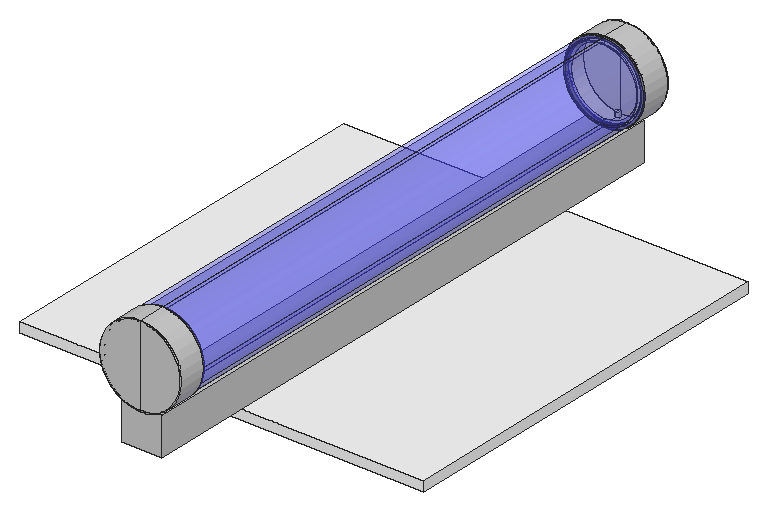
Revit family "BE_24591_de_DE", category Leuchten, Revit 2015
Parameters (values of type "BEGA_24591_Silber_K4")
  built-in parameter 1150104 = 14.028 (stored number, unit not read)
  Wattage = 19.6 W
  Default Elevation = 0 mm
  built-in parameter 1150113 = 1 (stored number, unit not read)
  built-in parameter 1114218 = 1 (stored number, unit not read)
  Umgebungstemperatur = "25 °C"
  URL = "http://www.bega.de/produkt/24591"
  Typenkommentare = "© 2017 BEGA. Wir behalten uns das Recht vor, technische Änderungen ohne vorherige Ankündigung vorzunehmen."  # constant formula
  Type Image = 24591.png
  built-in parameter 1150134 = 12
  built-in parameter 1150109 = 1 (stored number, unit not read)
  Strom = ""
  built-in parameter 1150110 = 1 (stored number, unit not read)
  Spannung = 239.996 V
  Sonderanfertigung = no
  Seriennummer [instance] = "Hier können Sie die eindeutige Seriennummer für das Facility Management eintragen."
  Schutzklasse = "I"
  Schutzart = "IP 65"
  Scheinlast = 0 VA
  Produktdatenblatt = "http://www.bega.de/download/Xrfa/db/24591.db.de.pdf"
  Oberflächentemperatur = ""
  Neigungswinkel = 0.00°
  Modell = "24591AK4"
  Material_18 = BEGA_Gummi_schwarz
  Material_17 = BEGA_Reflektor
  Material_15 = BEGA_Leuchtmedium_matt
  Material_11 = BEGA_Glas_opal
  Material_09 = BEGA_Glas_klar
  Material_06 = BEGA_Oberfläche_Edelstahl_gebürstet
  Material_05 = BEGA_Oberfläche_Aluminium Guss
  Material_03 = BEGA_Oberfläche_Weiss_matt
  Material_02 = BEGA_Oberfläche_Silber_matt
  Material_01 [instance] = BEGA_Oberfläche_Grafit_matt
  M_W = no
  M_G = no
  M_A = yes
  Logo = 0
  built-in parameter 1114217 = 1 (stored number, unit not read)
  built-in parameter 1150139 = (empty or 0)
  built-in parameter 1150105 = 235.52 (stored number, unit not read)
  built-in parameter 1150114 = 1 (stored number, unit not read)
  Lumens = 2959.6 lm
  built-in parameter 1150115 = 1 (stored number, unit not read)
  Leuchtenlichtstrom = "1947 lm"
  Leuchtenanzahl = ""
  Lebensdauerkriterien = "L70B50 @ 25 °C = 194000 h"
  Lastklassifizierung = Beleuchtung
  built-in parameter 1150112 = 1 (stored number, unit not read)
  Lampenlichtstrom = "2960 lm"
  Lampe = "LED 19.6 W"
  LED_Modulbezeichnung = "2x LED-0626/840 + 2x LED-0627/840"
  built-in parameter 1150142 = (empty or 0)
  Hersteller = "BEGA"  # constant formula
  Halbstreuwinkel = ""
  Gewicht = "2.85 kg"
  Gebrauchslageneinschränkung [instance] = ""
  Frequenz = "0/50-60 Hz"
  Farbwiedergabeindex = "Ra > 80"
  Farbtemperaturverschiebung bei Dämpfen der Lampe = <Keine Auswahl>
  Farbtemperatur = "4000 K"
  Color Filter = 16777215
  built-in parameter 1150133 = 10 (stored number, unit not read)
  Energieeffizienzklasse = "LED A++ - A"
  built-in parameter 1150137 = (empty or 0)
  built-in parameter 1150132 = (empty or 0)
  ENEC = ""
  Dimmbar [instance] = "DALI"
  Datei für fotometrisches Netz = "BE_24591K4.IES"
  CE_Konformität = "ja"
  Bestellnummer = "24591AK4"
  Beschreibung_Sonderanfertigung = "Hier können Sie Informationen zur Sonderanfertigung eintragen."
  Beschreibung = "Wandleuchte"
  built-in parameter 1150106 = 2.3552 (stored number, unit not read)
  Befestigungsbohrung = "Ø 6 mm"
  Befestigungsabstand = "300 mm"
  Ballwurfsicher = ""
  BEGA_Intern_aus = yes
  BEGA_Intern_an = yes
  BEGA_Intern_Konstruktion = yes
  BEGA_Intern = yes
  BEGA_IES = yes
  BEGA_Dummy = no
  Anschlussleitung = ""
  Anschlussleistung [instance] = "23.6 W"
  Anschlusskasten = ""
  built-in parameter 1150107 = 4000 (stored number, unit not read)
  built-in parameter 1150102 = (empty or 0)
  built-in parameter 1150138 = (empty or 0)
  Aktualisierung = "2017-06-26T04:08:37"
  Abstand_zur_angestrahlten_Fläche [instance] = ""
  AC/DC = "AC/DC"
Types (4, lengths in mm): name | built-in parameter 1150134 | Modell | M_G | M_A | LED_Modulbezeichnung | Farbtemperatur | Datei für fotometrisches Netz | Bestellnummer | built-in parameter 1150107
  BEGA_24591_Silber_K4 | 12 | "24591AK4" | no | yes | "2x LED-0626/840 + 2x LED-0627/840" | "4000 K" | "BE_24591K4.IES" | "24591AK4" | 4000 (stored number, unit not read)
  BEGA_24591_Grafit_K4 | 12 | "24591K4" | yes | no | "2x LED-0626/840 + 2x LED-0627/840" | "4000 K" | "BE_24591K4.IES" | "24591K4" | 4000 (stored number, unit not read)
  BEGA_24591_Silber_K3 | (empty or 0) | "24591A" | no | yes | "2x LED-0626/830 + 2x LED-0627/830" | "3000 K" | "BE_24591.IES" | "24591A" | 3000 (stored number, unit not read)
  BEGA_24591_Grafit_K3 | (empty or 0) | "24591" | yes | no | "2x LED-0626/830 + 2x LED-0627/830" | "3000 K" | "BE_24591.IES" | "24591" | 3000 (stored number, unit not read)
Reference planes
  plane 1 "Mitte (Vorne/Hinten)": y = 0
  plane 2: z = 0
  plane 3 "Mitte (Links/Rechts)": x = 0
  plane 4 "Links": x = -40.25
  plane 5 "Rechts": x = 40.25
  plane 6 "Unten": y = -301
  plane 7 "Oben": y = 301
  plane 8 "Vorne": z = 115.513
  plane 9 "Hinten": z = 0
Forms (mm)
  Extrusion 1, solid, material "BEGA_Platte_Weiss"
    sketch origin (0, -1119.2, 0) x (1, 0, 0) y (0, 1, 0)
      loop
        line (-200, 1319.2) -> (-200, 919.2) -> (200, 919.2) -> (200, 1319.2) -> (-200, 1319.2)
    from 0 to -10
  Extrusion 2, solid, material "BEGA_Dummy_matt", visible <- "BEGA_Dummy"
    sketch origin (80.095, -76.023, 0) x (1, 0, 0) y (0, 1, 0)
      loop
        line (-120.345, 377.023) -> (-120.345, -224.977) -> (-39.845, -224.977) -> (-39.845, 377.023) -> (-120.345, 377.023)
    from 0 to 115.513
Dimensions and locks
  plane 1 "Mitte (Vorne/Hinten)" to Extrusion 1 = 200 mm
  aligned and locked: plane 2 to Extrusion 1
  aligned and locked: level to Extrusion 1
Nested families
  nested 1: "BE_24591" at (0, 0, 0) x (0, -1, 0) z (0, 0, 1), type "BE_24591"
Connectors
  electrical at (0, 0, 0), driven by "Lastklassifizierung", driven by "Spannung", driven by "Scheinlast"
    settings: index 1, voltage 239.996 V, apparent load 0 VA, apparent load phase1 0 VA, apparent load phase2 0 VA, apparent load phase3 0 VA, power factor 1, load classification "Beleuchtung", number of poles 1, system type 31, power factor state 1, is connector primary yes, connector utility no, sub classification motor no, connector description ""
Definition of nested family "BE_24591"
  Parameters (values of type "BE_24591")
    Default Elevation = 1 mm
    URL = "http://www.bega.de/de/produkt"
    Type Comments = "© 2015 BEGA. Wir behalten uns das Recht vor, technische Änderungen ohne vorherige Ankündigung vorzunehmen. "  # constant formula
    Type Image = (empty or 0)
    Neigungswinkel_um_Z2 = 0.00°
    Neigungswinkel_um_Z1 = 0.00°
    Neigungswinkel_um_Y2 = 0.00°
    Neigungswinkel_um_Y1 = 0.00°
    Neigungswinkel_um_X2 = 0.00°
    Neigungswinkel_um_X1 = 0.00°
    Material_18 = none
    Material_17 = none
    Material_15 = none
    Material_11 = none
    Material_09 = none
    Material_06 = none
    Material_05 = none
    Material_02 = none
    Material_01 = none
    M_W = yes
    M_G = yes
    M_A = yes
    Länge_Platte = 700 mm  # constant formula
    Höhe_Platte = -10 mm  # constant formula
    Manufacturer = "BEGA"  # constant formula
    Drehwinkel_um_Z2 = 0.00°
    Drehwinkel_um_Z1 = 0.00°
    Breite_Platte = 200 mm  # constant formula
  Reference planes
    plane 1 "Mitte (Oben/Unten)": y = 0
    plane 2: z = 0
    plane 3 "Mitte (Links/Rechts)": x = 0
    plane 4: z = 115.513
    plane 5: y = 40.25
    plane 6: y = -40.25
    plane 7: x = -301
    plane 8: x = 301
  Forms (mm)
    Extrusion 1, solid, detail levels medium
      sketch origin (0, 0, 0) x (1, 0, 0) y (0, 1, 0)
        loop
          line (-350, 100) -> (-350, -100) -> (350, -100) -> (350, 100) -> (-350, 100)
      from 0 to -10 <- "Höhe_Platte"
    Extrusion 2, solid, material <- "Material_01", visible <- "M_G", detail levels medium+fine
      sketch origin (0, 0, 0) x (0, 1, 0) y (0, 0, 1)
        loop
          line (20, 37.539) -> (18.186, 39.353)
          arc (18.186, 39.353) -> (0, 35.01) -> (-18.186, 39.353) r 40.25
          line (-18.186, 39.353) -> (-20, 37.539) -> (-20, 0) -> (-17.5, 0) -> (-17.5, 32) -> (17.5, 32) -> (17.5, 0) -> (20, 0) -> (20, 37.539)
      from -296 to 299
    Extrusion 3, void
      sketch origin (0, 0, 0) x (0, 1, 0) y (0, 0, 1)
        loop
          line (5, 25.9) -> (5, 31.6) -> (3, 31.6) -> (3, 40.21) -> (-3, 40.21) -> (-3, 31.6) -> (-5, 31.6) -> (-5, 25.9) -> (5, 25.9)
      from -297.224 to -286.2
    Extrusion 4, solid, material <- "Material_01", visible <- "M_G", detail levels medium+fine
      sketch origin (0, 0, 0) x (0, 1, 0) y (0, 0, 1)
        loop
          line (17.5, 0) -> (17.5, 32) -> (-17.5, 32) -> (-17.5, 0) -> (17.5, 0)
      from -296 to -293
    Extrusion 5, solid, material <- "Material_01", visible <- "M_G", detail levels medium+fine
      sketch origin (0, 0, 0) x (0, 1, 0) y (0, 0, -1)
        loop
          line (17.5, 0) -> (-17.5, 0) -> (-17.5, -32) -> (17.5, -32) -> (17.5, 0)
      from -299 to -296
    Revolve 6, solid, material <- "Material_01", visible <- "M_G", detail levels medium+fine
      sketch origin (0, 0, 0) x (1, 0, 0) y (0, 0, 1)
        loop
          line (300.5, 115.51) -> (273.8, 115.51) -> (275.099, 113.26) -> (297.002, 113.26)
          arc (297.002, 113.26) -> (297.824, 113.084) -> (298.5, 112.586) r 2
          line (298.5, 112.586) -> (298.5, 75.26) -> (301, 75.26) -> (301, 115.01)
          arc (301, 115.01) -> (300.854, 115.364) -> (300.5, 115.51) r 0.5
        axis (273.8, 75.26) -> (301, 75.26)
      angle from 0 to 360
    Revolve 7, solid, material <- "Material_18", detail levels medium+fine
      sketch origin (0, 0, 0) x (1, 0, 0) y (0, 0, 1)
        loop
          line (272.017, 114.96) -> (272.017, 113.043) -> (275.257, 113.043) -> (274.15, 114.96) -> (272.017, 114.96)
        axis (272.017, 75.26) -> (275.257, 75.26)
      angle from 0 to 360
    Revolve 8, solid, material <- "Material_18", detail levels medium+fine
      sketch origin (-0.044, 0, 0) x (-1, 0, 0) y (0, 0, -1)
        loop
          line (273.738, -114.96) -> (274.846, -113.043) -> (271.938, -113.043) -> (271.938, -114.96) -> (273.738, -114.96)
        axis (271.938, -75.26) -> (274.846, -75.26)
      angle from 0 to 360
    Revolve 9, solid, material <- "Material_01", visible <- "M_G", detail levels medium+fine
      sketch origin (0, 0, 0) x (-1, 0, 0) y (0, 0, -1)
        loop
          arc (300.5, -115.51) -> (300.854, -115.364) -> (301, -115.01) r 0.5
          line (301, -115.01) -> (301, -75.26) -> (293, -75.26) -> (293, -112.593) -> (275.099, -112.593) -> (273.8, -115.51) -> (300.5, -115.51)
        axis (273.8, -75.26) -> (301, -75.26)
      angle from 0 to 360
    Extrusion 10, void
      sketch origin (-46.158, 0, 0) x (1, 0, 0) y (0, 1, 0)
        loop
          arc (-154, -3) -> (-151, 0) -> (-154, 3) r 3
          line (-154, 3) -> (-163.39, 3)
          arc (-163.39, 3) -> (-173.5, 0) -> (-163.39, -3) r 5.5
          line (-163.39, -3) -> (-154, -3)
        loop
          arc (146, -3) -> (149, 0) -> (146, 3) r 3
          line (146, 3) -> (136.61, 3)
          arc (136.61, 3) -> (126.5, 0) -> (136.61, -3) r 5.5
          line (136.61, -3) -> (146, -3)
      from 0 to 6.51
    Extrusion 11, solid, material <- "Material_01", visible <- "M_G", detail levels medium+fine
      sketch origin (-45, 0, 0) x (1, 0, 0) y (0, 0, 1)
        loop
          line (-179, 3) -> (-179, 0) -> (-145, 0) -> (-145, 3) -> (-179, 3)
        loop
          line (121, 3) -> (121, 0) -> (155, 0) -> (155, 3) -> (121, 3)
      from -17.994 to 18.5
    Revolve 12, solid, material <- "Material_06", detail levels fine
      sketch origin (0, 0, 0) x (1, 0, 0) y (0, 0, 1)
        loop
          line (-291.25, 42.072) -> (-291.25, 32.322) -> (-292.75, 32.322)
          arc (-292.75, 32.322) -> (-293.104, 32.176) -> (-293.25, 31.822) r 0.5
          line (-293.25, 31.822) -> (-293.25, 29.322)
          arc (-293.25, 29.322) -> (-293.104, 28.969) -> (-292.75, 28.822) r 0.5
          line (-292.75, 28.822) -> (-289, 28.822) -> (-289, 42.072) -> (-291.25, 42.072)
        axis (-289, 28.822) -> (-289, 42.072)
      angle from 0 to 360
    Revolve 13, solid, material <- "Material_11", detail levels medium+fine
      sketch origin (0, 0, 0) x (1, 0, 0) y (0, 0, 1)
        loop
          line (272.017, 114.76) -> (-271.983, 114.76) -> (-271.983, 112.76)
          arc (-271.983, 112.76) -> (-272.452, 111.568) -> (-273.607, 111.015) r 1.75
          line (-273.607, 111.015) -> (-273.607, 108.012)
          arc (-273.607, 108.012) -> (-270.983, 108.887) -> (-269.291, 111.077) r 4.75
          arc (-269.291, 111.077) -> (-268.927, 111.571) -> (-268.342, 111.76) r 1
          line (-268.342, 111.76) -> (268.362, 111.76)
          arc (268.362, 111.76) -> (268.933, 111.581) -> (269.3, 111.108) r 1
          arc (269.3, 111.108) -> (270.99, 108.897) -> (273.628, 108.012) r 4.75
          line (273.628, 108.012) -> (273.628, 111.015)
          arc (273.628, 111.015) -> (272.549, 111.49) -> (272.017, 112.543) r 1.75
          line (272.017, 112.543) -> (272.017, 114.76)
        axis (-273.607, 75.26) -> (273.628, 75.26)
      angle from 0 to 360
    Revolve 14, void
      sketch origin (0, 0, 0) x (1, 0, 0) y (0, 0, 1)
        loop
          line (-302.036, 85.26) -> (-302.036, 75.26) -> (-298.018, 75.26) -> (-298.018, 85.26) -> (-302.036, 85.26)
        axis (-302.036, 75.26) -> (-298.018, 75.26)
      angle from 0 to 360
    Revolve 15, solid, material <- "Material_06", detail levels fine
      sketch origin (0, 0, 0) x (1, 0, 0) y (0, 0, 1)
        loop
          line (-301.25, 83.51) -> (-301.25, 75.26) -> (-298.018, 75.26) -> (-298.018, 84.51) -> (-300.25, 84.51) -> (-301.25, 83.51)
        axis (-298.018, 75.26) -> (-301.25, 75.26)
      angle from 0 to 360
    Extrusion 16, solid, material <- "Material_02", visible <- "M_A", detail levels medium+fine
      sketch origin (0, 0, 0) x (0, 1, 0) y (0, 0, 1)
        loop
          line (20, 37.539) -> (18.186, 39.353)
          arc (18.186, 39.353) -> (0, 35.01) -> (-18.186, 39.353) r 40.25
          line (-18.186, 39.353) -> (-20, 37.539) -> (-20, 0) -> (-17.5, 0) -> (-17.5, 32) -> (17.5, 32) -> (17.5, 0) -> (20, 0) -> (20, 37.539)
      from -296 to 299
    Extrusion 17, solid, material <- "Material_02", visible <- "M_A", detail levels medium+fine
      sketch origin (0, 0, 0) x (0, 1, 0) y (0, 0, 1)
        loop
          line (17.5, 0) -> (17.5, 32) -> (-17.5, 32) -> (-17.5, 0) -> (17.5, 0)
      from -296 to -293
    Extrusion 18, solid, material <- "Material_02", visible <- "M_A", detail levels medium+fine
      sketch origin (0, 0, 0) x (0, 1, 0) y (0, 0, -1)
        loop
          line (17.5, 0) -> (-17.5, 0) -> (-17.5, -32) -> (17.5, -32) -> (17.5, 0)
      from -299 to -296
    Revolve 19, solid, material <- "Material_02", visible <- "M_A", detail levels medium+fine
      sketch origin (0, 0, 0) x (1, 0, 0) y (0, 0, 1)
        loop
          line (300.5, 115.51) -> (273.8, 115.51) -> (275.099, 113.26) -> (297.002, 113.26)
          arc (297.002, 113.26) -> (297.824, 113.084) -> (298.5, 112.586) r 2
          line (298.5, 112.586) -> (298.5, 75.26) -> (301, 75.26) -> (301, 115.01)
          arc (301, 115.01) -> (300.854, 115.364) -> (300.5, 115.51) r 0.5
        axis (273.8, 75.26) -> (301, 75.26)
      angle from 0 to 360
    Revolve 20, solid, material <- "Material_02", visible <- "M_A", detail levels medium+fine
      sketch origin (0, 0, 0) x (-1, 0, 0) y (0, 0, -1)
        loop
          arc (300.5, -115.51) -> (300.854, -115.364) -> (301, -115.01) r 0.5
          line (301, -115.01) -> (301, -75.26) -> (293, -75.26) -> (293, -112.593) -> (275.099, -112.593) -> (273.8, -115.51) -> (300.5, -115.51)
        axis (273.8, -75.26) -> (301, -75.26)
      angle from 0 to 360
    Extrusion 21, solid, material <- "Material_02", visible <- "M_A", detail levels medium+fine
      sketch origin (25, 0, 0) x (1, 0, 0) y (0, 0, 1)
        loop
          line (-249, 3) -> (-249, 0) -> (-215, 0) -> (-215, 3) -> (-249, 3)
        loop
          line (51, 3) -> (51, 0) -> (85, 0) -> (85, 3) -> (51, 3)
      from -17.994 to 18.5
  Cuts and joins
    Extrusion 3, Extrusion 10 cuts Extrusion 2
    Extrusion 3, Extrusion 10 cuts Extrusion 4
    Extrusion 10 cuts Extrusion 5
    Extrusion 10 cuts Extrusion 11
    joined: Extrusion 2, Extrusion 4, Extrusion 5, Extrusion 11
    Revolve 14 cuts Revolve 9
    Revolve 14 cuts Revolve 20
    Extrusion 3 cuts Extrusion 16
    Extrusion 3 cuts Extrusion 17
    Extrusion 3 cuts Extrusion 18
    Extrusion 3, Extrusion 10 cuts Extrusion 21
    joined: Extrusion 16, Extrusion 17, Extrusion 18, Extrusion 21
  Dimensions and locks
    equal spacing: Extrusion 1 sketch curve, plane 3 "Mitte (Links/Rechts)", Extrusion 1 sketch curve
    equal spacing: Extrusion 1 sketch curve, plane 1 "Mitte (Oben/Unten)", Extrusion 1 sketch curve
    "Länge_Platte": Extrusion 1 sketch curve to Extrusion 1 sketch curve
    "Breite_Platte": Extrusion 1 sketch curve to Extrusion 1 sketch curve
    aligned and locked: Extrusion 1 to plane 2
    aligned and locked: level to Extrusion 1
  Automatic sketch dimensions
    Extrusion 2 sketch curve to level = 0 mm  (x2)
    Extrusion 2 sketch curve to plane 1 "Mitte (Oben/Unten)" = 0 mm
    plane 1 "Mitte (Oben/Unten)" to Extrusion 2 sketch curve = 17.5 mm
    Extrusion 2 sketch curve to Extrusion 2 sketch curve = 0.686 mm  (x2)
    Extrusion 2 sketch curve to Extrusion 2 sketch curve = 1.814 mm  (x2)
    Extrusion 2 sketch curve to plane 1 "Mitte (Oben/Unten)" = 17.5 mm
    Extrusion 2 sketch curve to Extrusion 2 sketch curve = 2.5 mm
    Extrusion 2 sketch curve to Extrusion 2 sketch curve = 32 mm
    Extrusion 2 sketch curve to Extrusion 2 sketch curve = 5.539 mm  (x2)
    Extrusion 2 sketch curve to Extrusion 2 sketch curve = 35.907 mm
    plane 1 "Mitte (Oben/Unten)" to Extrusion 3 sketch curve = 5 mm
    Extrusion 3 sketch curve to Extrusion 3 sketch curve = 2 mm  (x2)
    Extrusion 3 sketch curve to plane 1 "Mitte (Oben/Unten)" = 3 mm
    level to Extrusion 3 sketch curve = 25.9 mm
    Extrusion 3 sketch curve to Extrusion 3 sketch curve = 5.7 mm
    Extrusion 3 sketch curve to Extrusion 3 sketch curve = 0 mm
    Extrusion 3 sketch curve to Extrusion 3 sketch curve = 8.61 mm
    Extrusion 4 sketch curve to level = 0 mm
    plane 1 "Mitte (Oben/Unten)" to Extrusion 4 sketch curve = 17.5 mm
    Extrusion 4 sketch curve to plane 1 "Mitte (Oben/Unten)" = 17.5 mm
    Extrusion 4 sketch curve to Extrusion 4 sketch curve = 32 mm
    Extrusion 5 sketch curve to level = 0 mm
    plane 1 "Mitte (Oben/Unten)" to Extrusion 5 sketch curve = 17.5 mm
    Extrusion 5 sketch curve to plane 1 "Mitte (Oben/Unten)" = 17.5 mm
    level to Extrusion 5 sketch curve = 32 mm
    Revolve 6 sketch curve to Revolve 6 sketch curve = 1.299 mm
    Revolve 6 sketch curve to Revolve 6 sketch curve = 21.903 mm
    Revolve 6 sketch curve to Revolve 6 sketch curve = 1.498 mm
    Revolve 6 sketch curve to Revolve 6 sketch curve = 2 mm
    Revolve 6 sketch curve to Revolve 6 sketch curve = 2.5 mm
    level to Revolve 6 sketch curve = 75.26 mm
    Revolve 6 sketch curve to Revolve 6 sketch curve = 36 mm
    Revolve 6 sketch curve to Revolve 6 sketch curve = 1.326 mm
    Revolve 6 sketch curve to Revolve 6 sketch curve = 2.424 mm
    Revolve 6 sketch curve to Revolve 6 sketch curve = 0 mm  (x3)
    Extrusion 11 sketch curve to level = 0 mm  (x2)
    Extrusion 11 sketch curve to Extrusion 11 sketch curve = 34 mm  (x2)
    level to Extrusion 11 sketch curve = 3 mm  (x2)
    plane 3 "Mitte (Links/Rechts)" to Extrusion 11 sketch curve = 76 mm
    Revolve 12 sketch curve to Revolve 12 sketch curve = 0.5 mm  (x2)
    Revolve 12 sketch curve to Revolve 12 sketch curve = 1.5 mm
    Revolve 12 sketch curve to Revolve 12 sketch curve = 2.25 mm
    level to Revolve 12 sketch curve = 28.822 mm
    Revolve 12 sketch curve to Revolve 12 sketch curve = 2.5 mm
    Revolve 12 sketch curve to Revolve 12 sketch curve = 9.75 mm
    Revolve 12 sketch curve to Revolve 12 sketch curve = 0 mm  (x3)
    Revolve 13 sketch curve to Revolve 13 sketch curve = 0 mm  (x8)
    Revolve 13 sketch curve to Revolve 13 sketch curve = 0.125 mm  (x2)
    Revolve 13 sketch curve to Revolve 13 sketch curve = 1.75 mm
    Revolve 13 sketch curve to Revolve 13 sketch curve = 3.64 mm
    Revolve 13 sketch curve to Revolve 13 sketch curve = 3.655 mm
    Revolve 13 sketch curve to Revolve 13 sketch curve = 1.611 mm
    Revolve 13 sketch curve to Revolve 13 sketch curve = 2.748 mm  (x2)
    Revolve 13 sketch curve to Revolve 13 sketch curve = 3.003 mm  (x2)
    Revolve 13 sketch curve to Revolve 13 sketch curve = 1 mm
    Revolve 13 sketch curve to Revolve 13 sketch curve = 1.528 mm
    Revolve 13 sketch curve to Revolve 13 sketch curve = 1.746 mm
    Revolve 13 sketch curve to Revolve 13 sketch curve = 2 mm
    Revolve 13 sketch curve to Revolve 13 sketch curve = 0.938 mm
    Revolve 13 sketch curve to Revolve 13 sketch curve = 22.628 mm
    Revolve 13 sketch curve to Revolve 13 sketch curve = 16.142 mm
    Revolve 13 sketch curve to Revolve 13 sketch curve = 32.752 mm
    Revolve 14 sketch curve to Revolve 14 sketch curve = 4.018 mm
    level to Revolve 14 sketch curve = 75.26 mm
    Revolve 14 sketch curve to Revolve 14 sketch curve = 10 mm
    Revolve 14 sketch curve to Revolve 14 sketch curve = 50.039 mm
    Revolve 14 sketch curve to Revolve 14 sketch curve = 49.768 mm
    Revolve 14 sketch curve to Revolve 14 sketch curve = 0 mm
    Revolve 9 sketch curve to Revolve 9 sketch curve = 1.299 mm
    Revolve 9 sketch curve to Revolve 9 sketch curve = 17.901 mm
    Revolve 9 sketch curve to Revolve 9 sketch curve = 8 mm
    Revolve 9 sketch curve to Revolve 9 sketch curve = 2.917 mm
    Revolve 9 sketch curve to Revolve 9 sketch curve = 2.5 mm
    Revolve 9 sketch curve to Revolve 9 sketch curve = 0 mm  (x2)
    Revolve 9 sketch curve to Revolve 9 sketch curve = 0.5 mm
    Revolve 9 sketch curve to Revolve 9 sketch curve = 37.333 mm
    Revolve 9 sketch curve to plane 3 "Mitte (Links/Rechts)" = 273.8 mm
    Extrusion 11 sketch curve to plane 3 "Mitte (Links/Rechts)" = 190 mm
    Revolve 12 sketch curve to plane 3 "Mitte (Links/Rechts)" = 293.25 mm
    Revolve 13 sketch curve to plane 3 "Mitte (Links/Rechts)" = 268.342 mm
    Revolve 14 sketch curve to plane 3 "Mitte (Links/Rechts)" = 302.036 mm
    plane 3 "Mitte (Links/Rechts)" to Revolve 6 sketch curve = 273.8 mm
    plane 3 "Mitte (Links/Rechts)" to Revolve 13 sketch curve = 268.362 mm
    Revolve 9 sketch curve to plane 4 = 0.003 mm
    Revolve 13 sketch curve to plane 4 = 7.501 mm
    Revolve 13 sketch curve to Revolve 13 sketch curve = 3.748 mm
    Extrusion 16 sketch curve to level = 0 mm  (x2)
    Extrusion 16 sketch curve to plane 1 "Mitte (Oben/Unten)" = 0 mm
    plane 1 "Mitte (Oben/Unten)" to Extrusion 16 sketch curve = 17.5 mm
    Extrusion 16 sketch curve to Extrusion 16 sketch curve = 0.686 mm  (x2)
    Extrusion 16 sketch curve to Extrusion 16 sketch curve = 1.814 mm  (x2)
    Extrusion 16 sketch curve to plane 1 "Mitte (Oben/Unten)" = 17.5 mm
    Extrusion 16 sketch curve to Extrusion 16 sketch curve = 2.5 mm
    Extrusion 16 sketch curve to Extrusion 16 sketch curve = 32 mm
    Extrusion 16 sketch curve to Extrusion 16 sketch curve = 5.539 mm  (x2)
    Extrusion 16 sketch curve to Extrusion 16 sketch curve = 35.907 mm
    Extrusion 17 sketch curve to level = 0 mm
    plane 1 "Mitte (Oben/Unten)" to Extrusion 17 sketch curve = 17.5 mm
    Extrusion 17 sketch curve to plane 1 "Mitte (Oben/Unten)" = 17.5 mm
    Extrusion 17 sketch curve to Extrusion 17 sketch curve = 32 mm
    Extrusion 18 sketch curve to level = 0 mm
    plane 1 "Mitte (Oben/Unten)" to Extrusion 18 sketch curve = 17.5 mm
    Extrusion 18 sketch curve to plane 1 "Mitte (Oben/Unten)" = 17.5 mm
    level to Extrusion 18 sketch curve = 32 mm
    Revolve 19 sketch curve to plane 4 = 0.003 mm
    Revolve 19 sketch curve to Revolve 19 sketch curve = 1.498 mm
    Revolve 19 sketch curve to plane 4 = 2.253 mm
    Revolve 19 sketch curve to Revolve 19 sketch curve = 21.903 mm
    Revolve 19 sketch curve to Revolve 19 sketch curve = 1.299 mm
    Revolve 19 sketch curve to Revolve 19 sketch curve = 0.674 mm
    Revolve 19 sketch curve to Revolve 19 sketch curve = 36 mm
    Revolve 19 sketch curve to Revolve 19 sketch curve = 0 mm  (x3)
    Revolve 20 sketch curve to plane 4 = 0.003 mm
    Revolve 20 sketch curve to plane 4 = 2.92 mm
    Revolve 20 sketch curve to Revolve 20 sketch curve = 17.901 mm
    Revolve 20 sketch curve to Revolve 20 sketch curve = 1.299 mm
    Revolve 20 sketch curve to Revolve 20 sketch curve = 37.333 mm
    Revolve 20 sketch curve to Revolve 20 sketch curve = 0 mm  (x2)
    Extrusion 21 sketch curve to level = 0 mm  (x2)
    Extrusion 21 sketch curve to Extrusion 21 sketch curve = 34 mm  (x2)
    level to Extrusion 21 sketch curve = 3 mm
    plane 3 "Mitte (Links/Rechts)" to Extrusion 21 sketch curve = 76 mm
    Extrusion 21 sketch curve to Extrusion 21 sketch curve = 3 mm
    Revolve 8 sketch curve to plane 4 = 2.47 mm
    Revolve 8 sketch curve to plane 4 = 0.553 mm
    Revolve 8 sketch curve to Revolve 8 sketch curve = 1.8 mm
    Revolve 8 sketch curve to Revolve 8 sketch curve = 1.107 mm
    Revolve 8 sketch curve to Revolve 8 sketch curve = 37.783 mm
    Revolve 15 sketch curve to plane 4 = 40.253 mm
    Revolve 15 sketch curve to Revolve 15 sketch curve = 8.25 mm
    Revolve 15 sketch curve to Revolve 15 sketch curve = 0 mm  (x2)
    Revolve 15 sketch curve to Revolve 15 sketch curve = 0.232 mm
    Revolve 15 sketch curve to Revolve 15 sketch curve = 1 mm  (x2)
    Revolve 15 sketch curve to Revolve 15 sketch curve = 2.232 mm
    Revolve 7 sketch curve to plane 4 = 0.553 mm
    Revolve 7 sketch curve to plane 4 = 40.253 mm
    Revolve 7 sketch curve to Revolve 7 sketch curve = 2.133 mm
    Revolve 7 sketch curve to Revolve 7 sketch curve = 1.107 mm
    Revolve 7 sketch curve to Revolve 7 sketch curve = 1.918 mm
    plane 1 "Mitte (Oben/Unten)" to Extrusion 10 sketch curve = 0 mm  (x4)
    Extrusion 10 sketch curve to Extrusion 10 sketch curve = 4.61 mm  (x2)
    plane 1 "Mitte (Oben/Unten)" to Extrusion 10 sketch curve = 3 mm  (x2)
    Extrusion 10 sketch curve to Extrusion 10 sketch curve = 9.39 mm  (x2)
    plane 3 "Mitte (Links/Rechts)" to Extrusion 10 sketch curve = 85.842 mm
    Revolve 8 sketch curve to plane 3 "Mitte (Links/Rechts)" = 271.983 mm
    Revolve 8 sketch curve to Revolve 8 sketch curve = 12.314 mm
    Revolve 8 sketch curve to Revolve 8 sketch curve = 8.624 mm
    Extrusion 10 sketch curve to plane 3 "Mitte (Links/Rechts)" = 200.158 mm
    Revolve 15 sketch curve to plane 3 "Mitte (Links/Rechts)" = 301.25 mm
    Revolve 20 sketch curve to plane 3 "Mitte (Links/Rechts)" = 273.8 mm
    Revolve 20 sketch curve to plane 4 = 0.503 mm
    Revolve 20 sketch curve to Revolve 20 sketch curve = 7.5 mm
    Revolve 20 sketch curve to Revolve 20 sketch curve = 2.5 mm
    Extrusion 21 sketch curve to plane 3 "Mitte (Links/Rechts)" = 190 mm
    plane 3 "Mitte (Links/Rechts)" to Revolve 7 sketch curve = 272.017 mm
    Revolve 7 sketch curve to Revolve 7 sketch curve = 12.393 mm
    Revolve 7 sketch curve to Revolve 7 sketch curve = 8.624 mm
    plane 3 "Mitte (Links/Rechts)" to Revolve 19 sketch curve = 273.8 mm
    Revolve 19 sketch curve to plane 4 = 0.503 mm
    Revolve 19 sketch curve to Revolve 19 sketch curve = 2 mm
